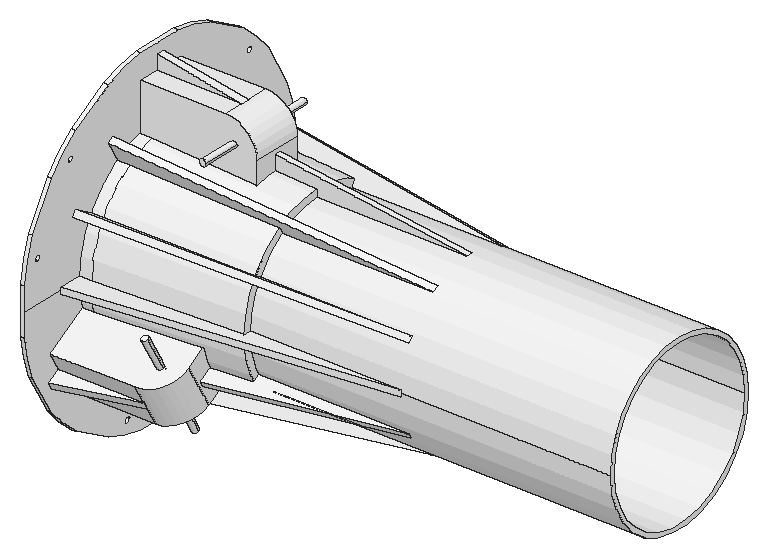
Revit family "H65S-RR", category Pipe Accessories, Revit 2016
Family settings
  Part Type = Breaks Into
  Round Connector Dimension = Use Diameter
  Work Plane-Based = No
  Always vertical = No
  Cut with Voids When Loaded = No
  Shared = No
Parameters
  URL = "http://www.snapcollars.com.au"
  Type Comments = ""
  Model = "H65S-RR"
  Manufacturer = "Snap Fire Systems"
  Description = "The H65S-RR is a high-top, cast-in fire collar for concrete slabs 150mm or thicker.\r\n\r\nApproved for stack applications only."
  Cut Depth Offset [instance] = -1 * (Cut Depth + 1 mm)  # -1 mm
  Cut Depth [instance] = 0 mm
Reference planes
  plane 1 "Center (Front/Back)": y = 0
  plane 2: z = 0
  plane 3 "Center (Left/Right)": x = 20
  plane 4: x = -230
  plane 5: x = -80
  plane 6: y = 90.593
  plane 7: y = -50
  plane 8: y = 100.593
  plane 9: y = -60
  plane 10: x = -99.679
  plane 11: x = -79.975
Forms (mm)
  Revolve 1, solid, material "PVC-White", detail levels medium+fine
    sketch origin (0, 0, 0) x (1, 0, 0) y (0, 1, 0)
      loop
        line (21, -39.138) -> (-152, -39.138) -> (-222.776, -46.386) -> (-230, -46.386) -> (-230, -81.386) -> (-227.967, -81.386) -> (-227.967, -48.273) -> (-221.904, -48.273) -> (-152, -44.61) -> (-152, -41.138) -> (21, -41.138) -> (21, -39.138)
      axis (-230, 0) -> (21, 0)
    angle from 0 to 360
  Extrusion 2, void
    sketch origin (-227.967, 0, 0) x (0, 1, 0) y (0, 0, -1)
      loop
        line (-21.601, -80.615) -> (21.601, -80.615) -> (59.014, -59.014) -> (80.615, -21.601) -> (80.615, 21.601) -> (59.014, 59.014) -> (21.601, 80.615) -> (-21.601, 80.615) -> (-59.014, 59.014) -> (-80.615, 21.601) -> (-80.615, -21.601) -> (-59.014, -59.014) -> (-21.601, -80.615)
      loop
        circle (0, 0) r 93.086
    from 0 to 2.033
  Extrusion 3, void
    sketch origin (-227.967, 0, 0) x (0, 1, 0) y (0, 0, -1)
      loop
        circle (53.437, -53.449) r 1.5
      loop
        circle (73.002, -19.569) r 1.5
      loop
        circle (19.569, 73.002) r 1.5
      loop
        circle (-19.553, 73.006) r 1.5
      loop
        circle (-73.006, -19.553) r 1.5
      loop
        circle (-53.449, -53.437) r 1.5
    from 0 to 2.033
  Extrusion 4, solid, material "PVC-White", detail levels fine
    sketch origin (0, 0, 0) x (1, 0, 0) y (0, 1, 0)
      loop
        line (-80, -41.131) -> (-227.967, -59.587) -> (-227.967, -48.244) -> (-221.904, -48.244) -> (-152, -44.61) -> (-152, -41.138) -> (-80.051, -41.138)
    from -1.5 to 1.5
  Extrusion 5, solid, material "PVC-White", detail levels medium+fine
    sketch origin (0, 0, 0) x (1, 0, 0) y (0, 0, 1)
      loop
        line (-227.967, 69.12) -> (-227.967, 41.138) -> (-171.967, 41.138) -> (-171.967, 54.12)
        arc (-171.967, 54.12) -> (-176.361, 64.727) -> (-186.967, 69.12) r 15
        line (-186.967, 69.12) -> (-227.967, 69.12)
    from -12 to 12
  Extrusion 6, solid, material "PVC-White", detail levels fine
    sketch origin (0, 0, 0) x (1, 0, 0) y (0, 0, 1)
      loop
        line (-227.967, 75.943) -> (-227.967, 69.12) -> (-186.967, 69.12) -> (-227.967, 75.943)
    from -2 to 2
  Extrusion 7, solid, material "PVC-White", not visible, detail levels fine
    sketch origin (0, 0, 0) x (1, 0, 0) y (0, 0, 1)
      loop
        line (-80, 60.418) -> (-227.967, 86.048) -> (-227.967, 69.12) -> (-80, 60.418)
    from -1.5 to 1.5
  Extrusion 8, solid, material "PVC-White", not visible, detail levels fine
    sketch origin (0, 0, 0) x (1, 0, 0) y (0, -0.5, 0.866025)
      loop
        line (-80, 60.418) -> (-227.967, 86.048) -> (-227.967, 69.12) -> (-80, 60.418)
    from -1.5 to 1.5
  Extrusion 9, solid, material "PVC-White", not visible, detail levels fine
    sketch origin (0, 0, 0) x (1, 0, 0) y (0, -0.866025, 0.5)
      loop
        line (-80, 60.418) -> (-227.967, 86.048) -> (-227.967, 69.12) -> (-80, 60.418)
    from -1.5 to 1.5
  Extrusion 10, solid, material "PVC-White", not visible, detail levels fine
    sketch origin (0, 0, 0) x (0, -1, 0) y (-1, 0, 0)
      loop
        line (60.418, 80) -> (86.048, 227.967) -> (69.12, 227.967) -> (60.418, 80)
    from -1.5 to 1.5
  Extrusion 11, solid, material "PVC-White", not visible, detail levels fine
    sketch origin (0, 0, 0) x (1, 0, 0) y (0, -0.866025, -0.5)
      loop
        line (-80, 60.418) -> (-227.967, 86.048) -> (-227.967, 69.12) -> (-80, 60.418)
    from -1.5 to 1.5
  Extrusion 12, solid, material "PVC-White", not visible, detail levels fine
    sketch origin (0, 0, 0) x (1, 0, 0) y (0, -0.5, -0.866025)
      loop
        line (-80, 60.418) -> (-227.967, 86.048) -> (-227.967, 69.12) -> (-80, 60.418)
    from -1.5 to 1.5
  Extrusion 13, solid, material "PVC-White", not visible, detail levels fine
    sketch origin (0, 0, 0) x (1, 0, 0) y (0, 0, -1)
      loop
        line (-80, 60.418) -> (-227.967, 86.048) -> (-227.967, 69.12) -> (-80, 60.418)
    from -1.5 to 1.5
  Extrusion 14, solid, material "PVC-White", not visible, detail levels fine
    sketch origin (0, 0, 0) x (1, 0, 0) y (0, 0.5, -0.866025)
      loop
        line (-80, 60.418) -> (-227.967, 86.048) -> (-227.967, 69.12) -> (-80, 60.418)
    from -1.5 to 1.5
  Extrusion 15, solid, material "PVC-White", not visible, detail levels fine
    sketch origin (0, 0, 0) x (1, 0, 0) y (0, 0.866025, -0.5)
      loop
        line (-80, 60.418) -> (-227.967, 86.048) -> (-227.967, 69.12) -> (-80, 60.418)
    from -1.5 to 1.5
  Extrusion 16, solid, material "PVC-White", not visible, detail levels fine
    sketch origin (0, 0, 0) x (1, 0, 0) y (0, 1, 0)
      loop
        line (-80, 60.418) -> (-227.967, 86.048) -> (-227.967, 69.12) -> (-80, 60.418)
    from -1.5 to 1.5
  Extrusion 17, solid, material "PVC-White", not visible, detail levels fine
    sketch origin (0, 0, 0) x (1, 0, 0) y (0, 0.866025, 0.5)
      loop
        line (-80, 60.418) -> (-227.967, 86.048) -> (-227.967, 69.12) -> (-80, 60.418)
    from -1.5 to 1.5
  Extrusion 18, solid, material "PVC-White", not visible, detail levels fine
    sketch origin (0, 0, 0) x (1, 0, 0) y (0, 0.5, 0.866025)
      loop
        line (-80, 60.418) -> (-227.967, 86.048) -> (-227.967, 69.12) -> (-80, 60.418)
    from -1.5 to 1.5
  Extrusion 19, solid, material "PVC-White", detail levels fine
    sketch origin (-25.899, 0, -22.494) x (1, 0, 0) y (0, 0, 1)
      loop
        circle (-157.362, 79.878) r 1.5
    from -30 to 30
  Extrusion 20, solid, material "PVC-White", detail levels fine
    sketch origin (0, 0, 0) x (1, 0, 0) y (0, 0.866025, -0.5)
      loop
        line (-80, -41.131) -> (-227.967, -59.587) -> (-227.967, -48.244) -> (-221.904, -48.244) -> (-152, -44.61) -> (-152, -41.138) -> (-80.051, -41.138)
    from -1.5 to 1.5
  Extrusion 21, solid, material "PVC-White", detail levels fine
    sketch origin (0, 0, 0) x (1, 0, 0) y (0, 0.5, -0.866025)
      loop
        line (-80, -41.131) -> (-227.967, -59.587) -> (-227.967, -48.244) -> (-221.904, -48.244) -> (-152, -44.61) -> (-152, -41.138) -> (-80.051, -41.138)
    from -1.5 to 1.5
  Extrusion 22, solid, material "PVC-White", detail levels fine
    sketch origin (0, 0, 0) x (1, 0, 0) y (0, 0, -1)
      loop
        line (-80, -41.131) -> (-227.967, -59.587) -> (-227.967, -48.244) -> (-221.904, -48.244) -> (-152, -44.61) -> (-152, -41.138) -> (-80.051, -41.138)
    from -1.5 to 1.5
  Extrusion 23, solid, material "PVC-White", detail levels fine
    sketch origin (0, 0, 0) x (1, 0, 0) y (0, -0.5, -0.866025)
      loop
        line (-80, -41.131) -> (-227.967, -59.587) -> (-227.967, -48.244) -> (-221.904, -48.244) -> (-152, -44.61) -> (-152, -41.138) -> (-80.051, -41.138)
    from -1.5 to 1.5
  Extrusion 24, solid, material "PVC-White", detail levels fine
    sketch origin (0, 0, 0) x (1, 0, 0) y (0, -0.866025, -0.5)
      loop
        line (-80, -41.131) -> (-227.967, -59.587) -> (-227.967, -48.244) -> (-221.904, -48.244) -> (-152, -44.61) -> (-152, -41.138) -> (-80.051, -41.138)
    from -1.5 to 1.5
  Extrusion 25, solid, material "PVC-White", detail levels fine
    sketch origin (0, 0, 0) x (0, -1, 0) y (-1, 0, 0)
      loop
        line (-41.131, 80) -> (-59.587, 227.967) -> (-48.244, 227.967) -> (-48.244, 221.904) -> (-44.61, 152) -> (-41.138, 152) -> (-41.138, 80.051)
    from -1.5 to 1.5
  Extrusion 26, solid, material "PVC-White", detail levels fine
    sketch origin (0, 0, 0) x (1, 0, 0) y (0, -0.866025, 0.5)
      loop
        line (-80, -41.131) -> (-227.967, -59.587) -> (-227.967, -48.244) -> (-221.904, -48.244) -> (-152, -44.61) -> (-152, -41.138) -> (-80.051, -41.138)
    from -1.5 to 1.5
  Extrusion 27, solid, material "PVC-White", detail levels fine
    sketch origin (0, 0, 0) x (1, 0, 0) y (0, -0.5, 0.866025)
      loop
        line (-80, -41.131) -> (-227.967, -59.587) -> (-227.967, -48.244) -> (-221.904, -48.244) -> (-152, -44.61) -> (-152, -41.138) -> (-80.051, -41.138)
    from -1.5 to 1.5
  Extrusion 28, solid, material "PVC-White", detail levels fine
    sketch origin (0, 0, 0) x (1, 0, 0) y (0, 0, 1)
      loop
        line (-80, -41.131) -> (-227.967, -59.587) -> (-227.967, -48.244) -> (-221.904, -48.244) -> (-152, -44.61) -> (-152, -41.138) -> (-80.051, -41.138)
    from -1.5 to 1.5
  Extrusion 29, solid, material "PVC-White", detail levels fine
    sketch origin (0, 0, 0) x (1, 0, 0) y (0, 0.5, 0.866025)
      loop
        line (-80, -41.131) -> (-227.967, -59.587) -> (-227.967, -48.244) -> (-221.904, -48.244) -> (-152, -44.61) -> (-152, -41.138) -> (-80.051, -41.138)
    from -1.5 to 1.5
  Extrusion 30, solid, material "PVC-White", detail levels fine
    sketch origin (0, 0, 0) x (1, 0, 0) y (0, 0.866025, 0.5)
      loop
        line (-80, -41.131) -> (-227.967, -59.587) -> (-227.967, -48.244) -> (-221.904, -48.244) -> (-152, -44.61) -> (-152, -41.138) -> (-80.051, -41.138)
    from -1.5 to 1.5
  Extrusion 31, solid, material "PVC-White", detail levels medium+fine
    sketch origin (0, 0, 0) x (1, 0, 0) y (0, 0.866025, -0.5)
      loop
        line (-227.967, 69.12) -> (-227.967, 41.138) -> (-171.967, 41.138) -> (-171.967, 54.12)
        arc (-171.967, 54.12) -> (-176.361, 64.727) -> (-186.967, 69.12) r 15
        line (-186.967, 69.12) -> (-227.967, 69.12)
    from -12 to 12
  Extrusion 32, solid, material "PVC-White", detail levels fine
    sketch origin (0, 0, 0) x (1, 0, 0) y (0, 0.866025, -0.5)
      loop
        line (-227.967, 75.943) -> (-227.967, 69.12) -> (-186.967, 69.12) -> (-227.967, 75.943)
    from -2 to 2
  Extrusion 33, solid, material "PVC-White", detail levels fine
    sketch origin (-25.899, -19.481, 11.247) x (1, 0, 0) y (0, 0.866025, -0.5)
      loop
        circle (-157.362, 79.878) r 1.5
    from -30 to 30
  Extrusion 34, solid, material "PVC-White", detail levels medium+fine
    sketch origin (0, 0, 0) x (1, 0, 0) y (0, -0.866025, -0.5)
      loop
        line (-227.967, 69.12) -> (-227.967, 41.138) -> (-171.967, 41.138) -> (-171.967, 54.12)
        arc (-171.967, 54.12) -> (-176.361, 64.727) -> (-186.967, 69.12) r 15
        line (-186.967, 69.12) -> (-227.967, 69.12)
    from -12 to 12
  Extrusion 35, solid, material "PVC-White", detail levels fine
    sketch origin (0, 0, 0) x (1, 0, 0) y (0, -0.866025, -0.5)
      loop
        line (-227.967, 75.943) -> (-227.967, 69.12) -> (-186.967, 69.12) -> (-227.967, 75.943)
    from -2 to 2
  Extrusion 36, solid, material "PVC-White", detail levels fine
    sketch origin (-25.899, 19.481, 11.247) x (1, 0, 0) y (0, -0.866025, -0.5)
      loop
        circle (-157.362, 79.878) r 1.5
    from -30 to 30
  Extrusion 37, void
    sketch origin (21, 0, 0) x (0, -1, 0) y (0, 0, -1)
      loop
        circle (0, 0) r 50.359
    from 0 to -1 <- "Cut Depth Offset"
Cuts and joins
  Extrusion 2, Extrusion 3, Extrusion 37 cuts Revolve 1
Dimensions and locks
  plane 4 to plane 3 "Center (Left/Right)" = 250 mm
  Extrusion 7 sketch curve to Extrusion 7 sketch curve = 0 mm
  Extrusion 8 sketch curve to Extrusion 8 sketch curve = 0 mm
  Extrusion 9 sketch curve to Extrusion 9 sketch curve = 0 mm
  Extrusion 10 sketch curve to Extrusion 10 sketch curve = 0 mm
  Extrusion 11 sketch curve to Extrusion 11 sketch curve = 0 mm
  Extrusion 12 sketch curve to Extrusion 12 sketch curve = 0 mm
  Extrusion 13 sketch curve to Extrusion 13 sketch curve = 0 mm
  Extrusion 14 sketch curve to Extrusion 14 sketch curve = 0 mm
  Extrusion 15 sketch curve to Extrusion 15 sketch curve = 0 mm
  Extrusion 16 sketch curve to Extrusion 16 sketch curve = 0 mm
  Extrusion 17 sketch curve to Extrusion 17 sketch curve = 0 mm
  Extrusion 18 sketch curve to Extrusion 18 sketch curve = 0 mm
  aligned and locked: level to plane 2
  aligned and locked: plane 1 "Center (Front/Back)" to Revolve 1 sketch curve
Connectors
  piping at (-99.679, 0, 0), diameter 65
    settings: on plane 10, index 4, connector inside diameter 609.6 mm, connector length 0 mm, flow factor 0, pipe flow 0.0 L/s, pressure drop 0.0 Pa, fitting loss kfactor 0, connector angle 0.00°, fixture units 0, engagement length 0 mm, angle of deflection 0.00°, flow configuration 0, flow direction 0, fitting loss method 0, system type 7, joint type 0, gender type 0, connector reference index -1, connector utility 0, adjustable connector no, is connector primary yes, connector description ""
  piping at (-80, 0, 0), diameter 65
    settings: on plane 5, index 5, connector inside diameter 609.6 mm, connector length 0 mm, flow factor 0, pipe flow 0.0 L/s, pressure drop 0.0 Pa, fitting loss kfactor 0, connector angle 0.00°, fixture units 0, engagement length 0 mm, angle of deflection 0.00°, flow configuration 0, flow direction 0, fitting loss method 0, system type 7, joint type 0, gender type 0, connector reference index -1, connector utility 0, adjustable connector no, is connector primary no, connector description ""
